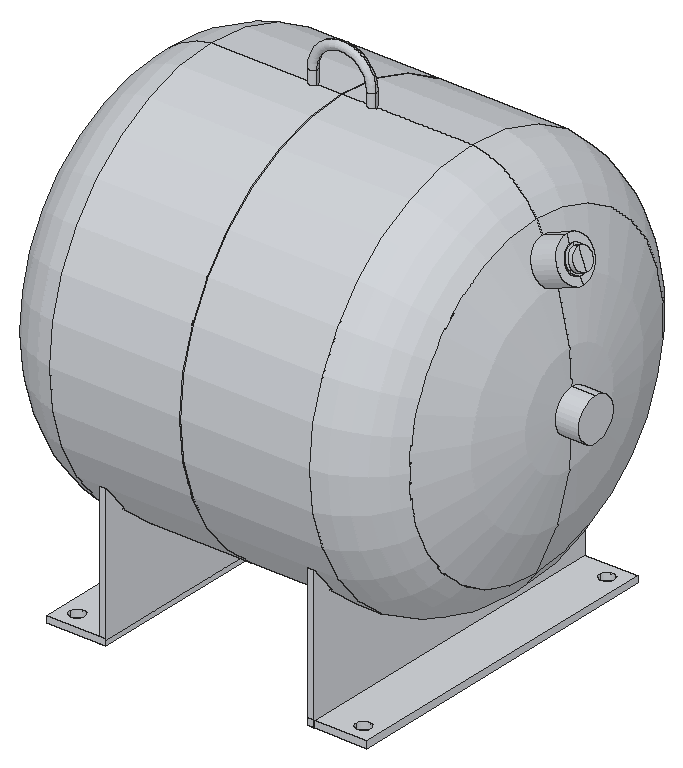
Revit family
Parameters (values of type "AX-80 125# W.P. with Saddles")
  Weight = "174 lbs"
  Tank Volume = "44.4 Gal"
  Tank Radius = Tank Diameter / 2  # 12.000"
  Tank Length = 27.250"
  Tank Diameter = 24.000"
  Pipe Connector Diameter = Pipe Connection Radius * 2  # 1.250"
  Pipe Connection Radius = 0.625"
  Off Ref Plane = 2.750"
  Model = "AX-80"
  Maximum Acceptance Volume = "29.0 Gal"
  Max Operating Temp = "240 DEG F"
  Max Operating Pressure = "125 PSI"
  Manufacturer = "Amtrol"
  CL to Saddle = 5.969"
  Bladder/Diaphragm = "Diaphragm"
  ASME = no
  1/2 Tank Length = Tank Length / 2  # 13.625"
Types (5): name | Tank Volume | Tank Length | Model | Max Operating Pressure | CL to Saddle | 1/2 Tank Length
  (no name) | "44.4 Gal" | 27.250" | "AX-80" | "125 PSI" | 5.969" | 13.625"
  AX-100 125# W.P. with Saddles | "55.7 Gal" | 31.750" | "AX-100" | "125 PSI" | 8.214" | 15.875"
  AX-80 125# W.P. with Saddles | "44.4 Gal" | 27.250" | "AX-80" | "125 PSI" | 5.969" | 13.625"
  AX-80 150# W.P. 10 BAR with Saddles | "44.4 Gal" | 27.250" | "AX-80" | "150 PSI" | 5.969" | 13.625"
  AX-100 150# W.P. 10 BAR with Saddles | "55.7 Gal" | 31.750" | "AX-100" | "150 PSI" | 8.214" | 15.875"
Reference planes (in)
  plane 1 "Center (Front/Back)": y = 0
  plane 2: z = 0
  plane 3 "Center (Left/Right)": x = 0
  plane 4: z = 2.75
Forms (in)
  Revolve 1, solid
    sketch origin (1.01596, 0, 6.86211) x (1, 0, 0) y (0, 0, 1)
      loop
        line (11.1575, 15.29207) -> (11.64157, 14.09398) -> (13.26414, 14.74954) -> (13.07683, 15.21313) -> (13.20228, 15.26381) -> (13.15386, 15.38366) -> (13.47686, 15.51416) -> (13.22852, 16.12882) -> (11.1575, 15.29207)
      axis (11.1575, 15.29207) -> (13.22852, 16.12882)
    angle from 0 to 360
  Revolve 2, solid
    sketch origin (0, 0, 0) x (1, 0, 0) y (0, 0, 1)
      loop
        line (-13.62091, 14.75007) -> (0.00409, 14.75007) -> (0.00409, 26.75007) -> (-7.70421, 26.75007)
        arc (-7.70421, 26.75007) -> (-9.88574, 25.86858) -> (-11.48782, 24.14538) r 5.41757
        arc (-11.48782, 24.14538) -> (-13.18119, 19.59004) -> (-13.62091, 14.75007) r 18.37229
      axis (0.00409, 14.75007) -> (-13.62091, 14.75007)
    angle from 0 to 360
  Revolve 3, solid
    sketch origin (0, 0, 0) x (-1, 0, 0) y (0, 0, 1)
      loop
        line (-13.625, 14.75007) -> (0, 14.75007) -> (0, 26.75007) -> (-7.7083, 26.75007)
        arc (-7.7083, 26.75007) -> (-9.88961, 25.86894) -> (-11.49191, 24.14639) r 5.41862
        arc (-11.49191, 24.14639) -> (-13.18527, 19.59053) -> (-13.625, 14.75007) r 18.37638
      axis (0, 14.75007) -> (-13.625, 14.75007)
    angle from 0 to 360
  Sweep 4, solid
    path origin (0, 0, 0) x (1, 0, 0) y (0, 0, 1)
      loop
        line (13.50394, 14.75007) -> (15.00394, 14.75007)
    profile origin (14.25394, 0, 14.75007) x (0, 0, 1) y (0, -1, 0)
      loop
        circle (0, 0) r 1.25
  Extrusion 5, solid
    sketch origin (0, 0, 0) x (0, 1, 0) y (0, 0, 1)
      loop
        line (10, -0.24993) -> (10, 8.11682)
        arc (10, 8.11682) -> (0, 2.75) -> (-10, 8.11682) r 11.99991
        line (-10, 8.11682) -> (-10, -0.24993) -> (10, -0.24993)
    from 5.969 to 6.33165
  Sweep 6, solid
    path origin (0, 0, 0) x (1, 0, 0) y (0, 0, 1)
      loop
        line (-1.72861, 26.52703) -> (-1.72861, 27.52703)
        arc (-1.72861, 27.52703) -> (0.02139, 29.27703) -> (1.77139, 27.52703) r 1.75
        line (1.77139, 27.52703) -> (1.77139, 26.52703)
    profile origin (-1.72861, 0, 27.02703) x (-1, 0, 0) y (0, -1, 0)
      loop
        circle (0, 0) r 0.25
  Extrusion 7, solid
    sketch origin (0, 0, 0) x (1, 0, 0) y (0, 0, 1)
      loop
        line (5.969, -0.24993) -> (9.469, -0.24993) -> (9.469, 0.12507) -> (5.969, 0.12507) -> (5.969, -0.24993)
    from -10 to 10
  Extrusion 8, solid
    sketch origin (0, 0, 0) x (0, 1, 0) y (0, 0, -1)
      loop
        line (10, 0.24993) -> (-10, 0.24993) -> (-10, -8.11682)
        arc (-10, -8.11682) -> (0, -2.75) -> (10, -8.11682) r 11.99991
        line (10, -8.11682) -> (10, 0.24993)
    from 5.969 to 6.33165
  Extrusion 9, solid
    sketch origin (0, 0, 0) x (-1, 0, 0) y (0, 0, -1)
      loop
        line (5.969, 0.24993) -> (5.969, -0.12507) -> (9.469, -0.12507) -> (9.469, 0.24993) -> (5.969, 0.24993)
    from -10 to 10
  Extrusion 10, void
    sketch origin (0, 0, 0) x (1, 0, 0) y (0, 1, 0)
      loop
        circle (-8.469, 9) r 0.4375
      loop
        circle (-8.469, -9) r 0.4375
    from 1.28295 to -1.60912
  Extrusion 11, void
    sketch origin (0, 0, 0) x (1, 0, 0) y (0, 1, 0)
      loop
        circle (8.469, 9) r 0.4375
      loop
        circle (8.469, -9) r 0.4375
    from -1.5167 to 1.68876
Cuts and joins
  Extrusion 10 cuts Revolve 2
  Extrusion 10 cuts Extrusion 9
  Extrusion 11 cuts Revolve 3
  Extrusion 11 cuts Extrusion 7
Dimensions and locks (in)
  Revolve 1 sketch curve to Revolve 1 sketch curve = 2.23366"
  Revolve 1 sketch curve to Revolve 1 sketch curve = 1.750"
  Revolve 1 sketch curve to Revolve 1 sketch curve = 1.8853"
  locked: Revolve 2 sketch curve to level at 14.75007
  "1/2 Tank Length": Revolve 2 sketch curve to Revolve 2 sketch curve
  "Tank Radius": Revolve 2 sketch curve to Revolve 2 sketch curve
  "1/2 Tank Length": Revolve 3 sketch curve to Revolve 3 sketch curve
  "Tank Radius": Revolve 3 sketch curve to Revolve 3 sketch curve
  Revolve 3 sketch curve to level = 14.75007"
  Revolve 3 to Sweep 4 sketch curve = 2.01204"
  Revolve 3 to Revolve 2 sketch curve = 0.00409"
  Revolve 3 sketch curve to plane 3 "Center (Left/Right)" = 0.000"
  plane 3 "Center (Left/Right)" to Revolve 3 sketch curve = 0.00409"
  Revolve 3 to Revolve 1 sketch curve = 1.16561"
  Revolve 3 to Revolve 1 sketch curve = 0.68155"
  locked: Extrusion 5 sketch curve to plane 1 "Center (Front/Back)" at 10
  locked: Extrusion 5 sketch curve to Extrusion 5 sketch curve at 20
  locked: Extrusion 5 sketch curve to Extrusion 5 sketch curve at 8.36675
  "CL to Saddle": Extrusion 5 to plane 3 "Center (Left/Right)"
  locked: Extrusion 5 to Extrusion 5 at 0.36265
  locked: Extrusion 5 to Extrusion 7 at 3.5
  locked: Extrusion 8 sketch curve to Extrusion 8 sketch curve at 20
  locked: Extrusion 8 sketch curve to Extrusion 8 sketch curve at 8.36675
  locked: Extrusion 8 to Extrusion 8 at 0.36265
  locked: Extrusion 8 to Extrusion 9 at 3.5
  "CL to Saddle": plane 3 "Center (Left/Right)" to Extrusion 8
  locked: Extrusion 9 to Extrusion 10 sketch curve at 1  (x4)
  Extrusion 7 to Extrusion 11 sketch curve = 1.000"  (x2)
  Extrusion 11 sketch curve to Extrusion 7 = 1.000"  (x2)
  radius of Revolve 3 sketch curve = 5.41862"
  radius of Revolve 3 sketch curve = 18.37638"
  radius of Revolve 2 sketch curve = 5.41757"
  radius of Revolve 2 sketch curve = 18.37229"
  aligned and locked: Revolve 2 sketch curve to Revolve 2 sketch curve  (x2)
  aligned and locked: Revolve 3 sketch curve to Revolve 3 sketch curve
  aligned and locked: import instance to plane 1 "Center (Front/Back)"
  aligned and locked: import instance to plane 4
  aligned and locked: Extrusion 7 sketch curve to Extrusion 5
  aligned and locked: Extrusion 5 to Extrusion 7
  aligned and locked: Extrusion 9 sketch curve to Extrusion 8
  aligned and locked: Extrusion 8 to Extrusion 9
Automatic sketch dimensions
  Revolve 1 sketch curve to Revolve 1 sketch curve = 1.21693"
  Revolve 1 sketch curve to Revolve 1 sketch curve = 1.43527"
  Revolve 1 sketch curve to Revolve 1 sketch curve = 0.07703"
  level to Revolve 1 sketch curve = 22.12593"
  Revolve 1 sketch curve to Revolve 1 sketch curve = 0.04842"
  Revolve 1 sketch curve to Revolve 1 sketch curve = 0.88438"
  Revolve 1 sketch curve to Revolve 1 sketch curve = 0.49167"
  Revolve 1 sketch curve to Revolve 1 sketch curve = 0.35731"
  Revolve 2 sketch curve to Revolve 2 sketch curve = 4.12091"
  Revolve 2 sketch curve to Revolve 2 sketch curve = 2.13309"
  Revolve 2 sketch curve to Revolve 2 sketch curve = 3.78361"
  Revolve 2 sketch curve to Revolve 2 sketch curve = 0.89046"
  Revolve 3 sketch curve to Revolve 3 sketch curve = 4.12091"
  Revolve 3 sketch curve to Revolve 3 sketch curve = 2.13309"
  Revolve 3 sketch curve to Revolve 3 sketch curve = 3.78361"
  Revolve 3 sketch curve to Revolve 3 sketch curve = 0.89046"
  Sweep 4 sketch curve to Sweep 4 sketch curve = 1.500"
  plane 4 to Sweep 4 sketch curve = 12.00007"
  Sweep 4 sketch curve to plane 1 "Center (Front/Back)" = 0.000"
  profile plane to Sweep 4 sketch curve = 0.000"
  Extrusion 5 sketch curve to plane 1 "Center (Front/Back)" = 0.000"
  Extrusion 5 sketch curve to level = 0.24993"
  Extrusion 5 sketch curve to Extrusion 5 sketch curve = 6.63308"
  Sweep 6 sketch curve to plane 3 "Center (Left/Right)" = 1.72861"
  plane 3 "Center (Left/Right)" to Sweep 6 sketch curve = 0.02139"
  plane 4 to Sweep 6 sketch curve = 23.77703"
  Sweep 6 sketch curve to Sweep 6 sketch curve = 0.000"
  Sweep 6 sketch curve to Sweep 6 sketch curve = 1.000"
  plane 1 "Center (Front/Back)" to Sweep 6 sketch curve = 0.000"
  Sweep 6 sketch curve to profile plane = 0.000"
  level to Extrusion 7 sketch curve = 0.12507"
  plane 3 "Center (Left/Right)" to Extrusion 7 sketch curve = 5.969"
  Extrusion 7 sketch curve to Extrusion 7 sketch curve = 3.500"
  Extrusion 8 sketch curve to plane 1 "Center (Front/Back)" = 0.000"
  plane 4 to Extrusion 8 sketch curve = 5.36682"
  plane 1 "Center (Front/Back)" to Extrusion 8 sketch curve = 10.000"
  Extrusion 8 sketch curve to Extrusion 8 sketch curve = 6.63308"
  Extrusion 9 sketch curve to level = 0.12507"
  plane 3 "Center (Left/Right)" to Extrusion 9 sketch curve = 5.969"
  Extrusion 9 sketch curve to Extrusion 9 sketch curve = 3.500"
  radius of Sweep 4 sketch curve = 1.250"
  radius of Sweep 6 sketch curve = 0.250"
  radius of Extrusion 10 sketch curve = 0.4375"  (x2)
  radius of Extrusion 11 sketch curve = 0.4375"  (x2)
Connectors (in)
  piping at (15.00394, 0, 14.75007), driven by "Pipe Connection Radius"
    settings: on Sweep 4, index 1
